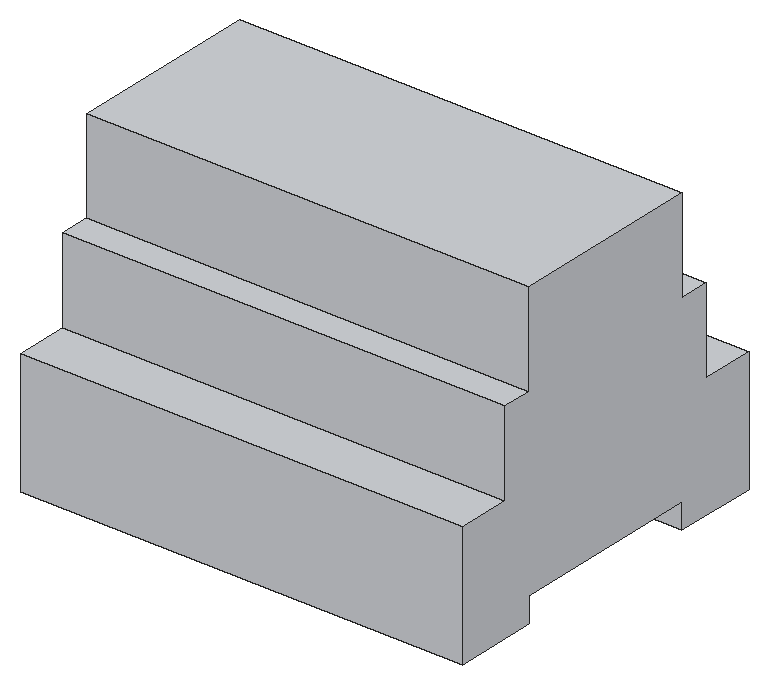
Revit family "Power-ModularDevices-GEWISS-90AM-TRANSFORMER_SAFETY", category Apparecchi elettrici, host Superficie, Revit 2016
Family settings
  Host = Superficie
  Mantenere orientamento annotazione = Sì
  Tipo di parte = Normale
  Quota connettore circolare = Usa diametro
  Numero OmniClass = 23.80.50.00
  Titolo OmniClass = Terminals for Power Supply
  Taglio con vuoti quando caricato = No
  Condiviso = No
  Punto di calcolo locali = Sì
Parameters (values of type "GW96324 - SAFETY TRANSFORMER 63 VA 230V")
  potenza in watt = 0 V
  carico = Altro
  Version file RFA = "18.0"
  URL = "https://www.gewiss.com/ww/en"
  Technical sheet = "https://www.gewiss.com/ww/en/search?q=GW96324"
  TIPO = GENERICO - 90AM TRASFORMATORI DI SICUREZZA : GW96324 Trasformatore di sicurezza 63VA 230V/12+12=24V - 6M
  Spostamento_x = -3300 mm
  Secondary voltage = "12+12=24 V"
  SS [instance] = 69.967 mm
  SIMBOLO IN PIANTA [instance] = yes
  SEO = "Transformer"
  Realized by GEWISS S.p.A. = ""
  Rated power: = "63 VA (12/24 V)"
  Default Elevation = 1219.2 mm
  Produttore = "GEWISS S.p.A."
  Primary voltage = "230V"
  Power = "63VA (12/24V)"
  Operation = "Continuous"
  Numero di poli = 1
  Spost_x_eff [instance] = 4000 mm + Spostamento_x  # 700 mm
  No. of modules EN 50022 = "6"
  No. Chorus modules = "6"
  Modello = "GW96324"
  Immagine tipo = GW96324.jpg
  IFC.TypeObject = ""
  IFC.ExportType = ""
  IFC.ExportAs = ""
  IDT = "319503f1-0c15-47ce-b8a4-ddc3006a59e7"
  IDF = "b238ad9a-9cd4-475b-af46-9ddbc1adffda"
  Electrocod = "140"
  EAN code = "8011564177079"
  Descrizione = "SAFETY TRANSFORMER 63 VA 230V"
  Catalogue Range = "90 AM"
  Catalogue = "POWER"
  COBie.Tagnumber = ""
  COBie.CreatedOn = ""
  COBie.CreatebBy = ""
  COBie.ComponentRegisterItemID = ""
  COBie.Component.TagNumber = ""
  COBie.Component.Space = ""
  COBie.Component.SerialNumber = ""
  COBie.Component.InstallationDate = ""
  COBie.Component.Description = ""
  COBie.Component.BarCode = ""
  Barra_DIN = 0 mm
Types (5, lengths in mm): name | URL | Technical sheet | TIPO | Rated power: | Produttore | Power | No. of modules EN 50022 | No. Chorus modules | Modello | Immagine tipo | IDT | EAN code | Descrizione
  (no name) | 0 | "" | GENERICO - 90AM TRASFORMATORI DI SICUREZZA : GW96321 Trasformatore di sicurezza 15VA 230V/12+12=24V - 3M | "" | 0 | "" | "" | "" | 0 | GW96321.jpg | "" | "" | 0
  GW96324 - SAFETY TRANSFORMER 63 VA 230V | "https://www.gewiss.com/ww/en" | "https://www.gewiss.com/ww/en/search?q=GW96324" | GENERICO - 90AM TRASFORMATORI DI SICUREZZA : GW96324 Trasformatore di sicurezza 63VA 230V/12+12=24V - 6M | "63 VA (12/24 V)" | "GEWISS S.p.A." | "63VA (12/24V)" | "6" | "6" | "GW96324" | GW96324.jpg | "319503f1-0c15-47ce-b8a4-ddc3006a59e7" | "8011564177079" | "SAFETY TRANSFORMER 63 VA 230V"
  GW96323 - SAFETY TRANSFORMER 40 VA 230V | "https://www.gewiss.com/ww/en" | "https://www.gewiss.com/ww/en/search?q=GW96323" | GENERICO - 90AM TRASFORMATORI DI SICUREZZA : GW96323 Trasformatore di sicurezza 40VA 230V/12+12=24V - 4M | "40 VA (12/24 V)" | "GEWISS S.p.A." | "40VA (12/24V)" | "4" | "4" | "GW96323" | GW96323.jpg | "642e37c8-9272-4141-a5ae-8212d45b7cab" | "8011564176980" | "SAFETY TRANSFORMER 40 VA 230V"
  GW96322 - SAFETY TRANSFORMER 25 VA 230V | "https://www.gewiss.com/ww/en" | "https://www.gewiss.com/ww/en/search?q=GW96322" | GENERICO - 90AM TRASFORMATORI DI SICUREZZA : GW96322 Trasformatore di sicurezza 25VA 230V/12+12=24V - 3M | "25 VA (12/24 V)" | "GEWISS S.p.A." | "25VA (12/24V)" | "3" | "3" | "GW96322" | GW96322.jpg | "c863d200-e0e6-4bb0-9397-0bd7a5b95b82" | "8011564177062" | "SAFETY TRANSFORMER 25 VA 230V"
  GW96321 - SAFETY TRANSFORMER 15 VA 230V | "https://www.gewiss.com/ww/en" | "https://www.gewiss.com/ww/en/search?q=GW96321" | GENERICO - 90AM TRASFORMATORI DI SICUREZZA : GW96321 Trasformatore di sicurezza 15VA 230V/12+12=24V - 3M | "15 VA (12/24 V)" | "GEWISS S.p.A." | "15VA (12/24V)" | "3" | "3" | "GW96321" | GW96321.jpg | "ac7c15bf-b646-4e6b-8567-0e9c2a87fd43" | "8011564178717" | "SAFETY TRANSFORMER 15 VA 230V"
Values of the unnamed type that differ from the named types
  Version file RFA = ""
  Secondary voltage = ""
  SEO = ""
  Primary voltage = ""
  Operation = ""
  IDF = ""
  Electrocod = ""
  Catalogue Range = ""
  Catalogue = ""
Reference planes
  plane 1 "Centro (Fronte/Retro)": y = 0
  plane 2: z = 0
  plane 3 "Centro (Sinistra/Destra)": x = 0
  plane 4: z = 0
  plane 5: x = -700
  plane 6: x = 0
  plane 7: y = 69.967
Dimensions and locks
  "Barra_DIN": host face to plane 4
  plane 5 to plane 3 "Centro (Sinistra/Destra)" = 700 mm
  "Spost_x_eff": plane 5 to plane 6
  "SS": plane 1 "Centro (Fronte/Retro)" to plane 7
  aligned and locked: plane 2 to host face
  aligned and locked: level to host face
  aligned and locked: plane 6 to nested 1
  aligned and locked: nested 1 to plane 7
  aligned and locked: plane 3 "Centro (Sinistra/Destra)" to nested 2
  aligned and locked: plane 1 "Centro (Fronte/Retro)" to nested 2
Automatic sketch dimensions
  host sketch curve to host sketch curve = 6519.2 mm
  host sketch curve to host sketch curve = 4328.142 mm
Nested families
  nested 1: "INTTRASF" at (0, 69.967, 0), visible <- "SIMBOLO IN PIANTA", type "INTTRASF"
  nested 2: "GENERICO - 90AM TRASFORMATORI DI SICUREZZA" at (0, 0, 0), type <- "TIPO", type "GW96324 Trasformatore di sicurezza 63VA 230V/12+12=24V - 6M"
Definition of nested family "GENERICO - 90AM TRASFORMATORI DI SICUREZZA"
  Parameters (values of type "GW96324 Trasformatore di sicurezza 63VA 230V/12+12=24V - 6M")
    h_barra din = if(Altezza barre = 1 mm, 69.9 mm, if(Altezza barre = 2 mm, 115.8 mm, 0 mm))  # 0 mm
    TIPO = 15
    H = if(AB_O = 1, AB_V, if(AB_O = 2, AB_H, 50.8 mm))  # 50.8 mm
    Dist barra din = 0 mm  # constant formula
    C1 = 49 mm  # constant formula
    C = 65 mm  # constant formula
    B = 84 mm  # constant formula
    Altezza barre = 5 mm  # constant formula
    AB_V = 3 mm  # constant formula
    AB_H = 5 mm  # constant formula
    AB_O = 0  # constant formula
    A2 = 12.5 mm  # constant formula
    A = 104 mm
  Types (5, lengths in mm): name | A
    (no name) | 104
    GW96324 Trasformatore di sicurezza 63VA 230V/12+12=24V - 6M | 104
    GW96323 Trasformatore di sicurezza 40VA 230V/12+12=24V - 4M | 72
    GW96322 Trasformatore di sicurezza 25VA 230V/12+12=24V - 3M | 54
    GW96321 Trasformatore di sicurezza 15VA 230V/12+12=24V - 3M | 54
  Reference planes
    plane 1 "Centro (Fronte/Retro)": y = 0
    plane 2: z = 0
    plane 3 "Centro (Sinistra/Destra)": x = 0
    plane 4: y = -42
    plane 5: y = 42
    plane 6: z = 0
    plane 7: z = -6
    plane 8 "top": z = 65
    plane 9 "incasso": z = 43
    plane 10: y = -22.5
    plane 11: y = 22.5
    plane 12: x = -52
    plane 13: x = 52
    plane 14: through (4267.2, -42.5, 9) normal (0, -0.1901, 0.9818)
    plane 15 "retro": z = 23
    plane 16: y = -29.5
    plane 17: y = 29.5
  Forms (mm)
    Extrusion 1, solid
      sketch origin (0, 0, 0) x (0, 1, 0) y (0, 0, 1)
        loop
          line (-22.5, 0) -> (22.5, 0) -> (22.5, -6) -> (42, -6) -> (42, 23) -> (29.5, 23) -> (29.5, 43) -> (22.5, 43) -> (22.5, 65) -> (-22.5, 65) -> (-22.5, 43) -> (-29.5, 43) -> (-29.5, 23) -> (-42, 23) -> (-42, -6) -> (-22.5, -6) -> (-22.5, 0)
      from -52 to 52
  Lines and regions (mm)
    symbolic lines
      curve 1: line (0, 0, 15) -> (0, 0, -6)
      curve 2: line (0, -22.5, 0) -> (0, 22.5, 0)
    model lines, detail levels medium+fine
      curve 3: line (-47.905, -18.396, 65) -> (-47.905, -20.411, 65)
      curve 4: line (-47.905, -20.411, 65) -> (-48.58, -20.411, 65)
      curve 5: line (-48.58, -20.411, 65) -> (-48.972, -20.362, 65)
      curve 6: line (-48.972, -20.362, 65) -> (-49.451, -20.15, 65)
      curve 7: line (-49.451, -20.15, 65) -> (-49.832, -19.797, 65)
      curve 8: line (-49.832, -19.797, 65) -> (-50.084, -19.321, 65)
      curve 9: line (-50.084, -19.321, 65) -> (-50.162, -18.814, 65)
      curve 10: line (-50.162, -18.814, 65) -> (-50.086, -18.346, 65)
      curve 11: line (-50.086, -18.346, 65) -> (-49.884, -17.934, 65)
      curve 12: line (-49.884, -17.934, 65) -> (-49.521, -17.558, 65)
      curve 13: line (-49.521, -17.558, 65) -> (-49.081, -17.33, 65)
      curve 14: line (-49.081, -17.33, 65) -> (-48.587, -17.248, 65)
      curve 15: line (-48.587, -17.248, 65) -> (-47.905, -17.248, 65)
      curve 16: line (-47.905, -17.248, 65) -> (-47.905, -18.117, 65)
      curve 17: line (-47.905, -18.117, 65) -> (-49.052, -18.117, 65)
      curve 18: line (-49.052, -18.117, 65) -> (-49.052, -19.542, 65)
      curve 19: line (-49.052, -19.542, 65) -> (-48.773, -19.542, 65)
      curve 20: line (-48.773, -19.542, 65) -> (-48.773, -18.396, 65)
      curve 21: line (-48.773, -18.396, 65) -> (-47.905, -18.396, 65)
      curve 22: line (-45.176, -20.411, 65) -> (-47.627, -20.411, 65)
      curve 23: line (-47.627, -20.411, 65) -> (-47.627, -17.248, 65)
      curve 24: line (-47.627, -17.248, 65) -> (-46.323, -17.248, 65)
      curve 25: line (-46.323, -17.248, 65) -> (-46.323, -18.117, 65)
      curve 26: line (-46.323, -18.117, 65) -> (-46.758, -18.117, 65)
      curve 27: line (-46.758, -18.117, 65) -> (-46.758, -18.395, 65)
      curve 28: line (-46.758, -18.395, 65) -> (-45.177, -18.395, 65)
      curve 29: line (-45.177, -18.395, 65) -> (-45.177, -19.264, 65)
      curve 30: line (-45.177, -19.264, 65) -> (-46.758, -19.264, 65)
      curve 31: line (-46.758, -19.264, 65) -> (-46.758, -19.542, 65)
      curve 32: line (-46.758, -19.542, 65) -> (-45.176, -19.542, 65)
      curve 33: line (-45.176, -19.542, 65) -> (-45.176, -20.411, 65)
      curve 34: line (-40.745, -20.411, 65) -> (-40.745, -18.395, 65)
      curve 35: line (-40.745, -18.395, 65) -> (-41.614, -18.395, 65)
      curve 36: line (-41.614, -18.395, 65) -> (-41.614, -20.411, 65)
      curve 37: line (-41.614, -20.411, 65) -> (-40.745, -20.411, 65)
      curve 38: line (-43.656, -20.411, 65) -> (-43.395, -19.108, 65)
      curve 39: line (-43.395, -19.108, 65) -> (-43.134, -20.411, 65)
      curve 40: line (-43.134, -20.411, 65) -> (-42.265, -20.411, 65)
      curve 41: line (-42.265, -20.411, 65) -> (-41.727, -18.117, 65)
      curve 42: line (-41.727, -18.117, 65) -> (-40.745, -18.117, 65)
      curve 43: line (-40.745, -18.117, 65) -> (-40.745, -17.248, 65)
      curve 44: line (-40.745, -17.248, 65) -> (-42.413, -17.248, 65)
      curve 45: line (-42.413, -17.248, 65) -> (-42.726, -18.586, 65)
      curve 46: line (-42.726, -18.586, 65) -> (-42.943, -17.248, 65)
      curve 47: line (-42.943, -17.248, 65) -> (-43.847, -17.248, 65)
      curve 48: line (-43.847, -17.248, 65) -> (-44.064, -18.586, 65)
      curve 49: line (-44.064, -18.586, 65) -> (-44.377, -17.248, 65)
      curve 50: line (-44.377, -17.248, 65) -> (-46.045, -17.248, 65)
      curve 51: line (-46.045, -17.248, 65) -> (-46.045, -18.117, 65)
      curve 52: line (-46.045, -18.117, 65) -> (-45.063, -18.117, 65)
      curve 53: line (-45.063, -18.117, 65) -> (-44.526, -20.411, 65)
      curve 54: line (-44.526, -20.411, 65) -> (-43.656, -20.411, 65)
      curve 55: line (-38.016, -17.248, 65) -> (-40.467, -17.248, 65)
      curve 56: line (-40.467, -17.248, 65) -> (-40.467, -19.264, 65)
      curve 57: line (-40.467, -19.264, 65) -> (-38.885, -19.264, 65)
      curve 58: line (-38.885, -19.264, 65) -> (-38.885, -19.542, 65)
      curve 59: line (-38.885, -19.542, 65) -> (-40.467, -19.542, 65)
      curve 60: line (-40.467, -19.542, 65) -> (-40.467, -20.411, 65)
      curve 61: line (-40.467, -20.411, 65) -> (-38.016, -20.411, 65)
      curve 62: line (-38.016, -20.411, 65) -> (-38.016, -18.395, 65)
      curve 63: line (-38.016, -18.395, 65) -> (-39.598, -18.395, 65)
      curve 64: line (-39.598, -18.395, 65) -> (-39.598, -18.117, 65)
      curve 65: line (-39.598, -18.117, 65) -> (-38.016, -18.117, 65)
      curve 66: line (-38.016, -18.117, 65) -> (-38.016, -17.248, 65)
      curve 67: line (-37.738, -17.248, 65) -> (-37.738, -19.264, 65)
      curve 68: line (-37.738, -19.264, 65) -> (-36.263, -19.264, 65)
      curve 69: line (-36.263, -19.264, 65) -> (-36.263, -19.542, 65)
      curve 70: line (-36.263, -19.542, 65) -> (-37.738, -19.542, 65)
      curve 71: line (-37.738, -19.542, 65) -> (-37.738, -20.411, 65)
      curve 72: line (-37.738, -20.411, 65) -> (-36.869, -20.411, 65)
      curve 73: line (-36.869, -20.411, 65) -> (-36.367, -20.25, 65)
      curve 74: line (-36.367, -20.25, 65) -> (-36.044, -20.039, 65)
      curve 75: line (-36.044, -20.039, 65) -> (-35.673, -19.584, 65)
      curve 76: line (-35.673, -19.584, 65) -> (-35.5, -19.074, 65)
      curve 77: line (-35.5, -19.074, 65) -> (-35.495, -18.621, 65)
      curve 78: line (-35.495, -18.621, 65) -> (-35.542, -18.395, 65)
      curve 79: line (-35.542, -18.395, 65) -> (-36.869, -18.395, 65)
      curve 80: line (-36.869, -18.395, 65) -> (-36.869, -18.117, 65)
      curve 81: line (-36.869, -18.117, 65) -> (-35.661, -18.117, 65)
      curve 82: line (-35.661, -18.117, 65) -> (-35.818, -17.855, 65)
      curve 83: line (-35.818, -17.855, 65) -> (-36.044, -17.62, 65)
      curve 84: line (-36.044, -17.62, 65) -> (-36.358, -17.414, 65)
      curve 85: line (-36.358, -17.414, 65) -> (-36.687, -17.294, 65)
      curve 86: line (-36.687, -17.294, 65) -> (-37.056, -17.248, 65)
      curve 87: line (-37.056, -17.248, 65) -> (-37.738, -17.248, 65)
  Text (mm)
    text "AB_V" at (0, 50.868, 44.72), in view "Destra"
    text "AB_O" at (0, -80.659, 111.963), in view "Destra"
  Dimensions and locks
    equal spacing: plane 4, plane 1 "Centro (Fronte/Retro)", plane 5
    "B": plane 4 to plane 5
    "Dist barra din": plane 6 to level
    locked: plane 6 to plane 7 at 6
    "C": plane 8 "top" to plane 6
    equal spacing: plane 10, plane 1 "Centro (Fronte/Retro)", plane 11
    plane 10 to plane 11 = 45 mm
    equal spacing: plane 12, plane 3 "Centro (Sinistra/Destra)", plane 13
    "A": plane 12 to plane 13
    "C1": plane 9 "incasso" to plane 7
    "A2": plane 4 to plane 16
    "A2": plane 17 to plane 5
    angle level to plane 14 = 10.9557°
    angle plane 4 to plane 8 "top" = 90.00°
    aligned and locked: level to plane 2
    aligned and locked: Extrusion 1 sketch curve to plane 6
    aligned and locked: Extrusion 1 sketch curve to plane 7
    aligned and locked: Extrusion 1 sketch curve to plane 4
    aligned and locked: Extrusion 1 sketch curve to plane 11  (x2)
    aligned and locked: Extrusion 1 sketch curve to plane 10
    aligned and locked: plane 1 "Centro (Fronte/Retro)" to curve 1
    aligned and locked: Extrusion 1 to plane 6
    aligned and locked: Extrusion 1 to plane 12
    aligned and locked: plane 13 to Extrusion 1
    aligned and locked: plane 10 to Extrusion 1 sketch curve
    aligned and locked: Extrusion 1 sketch curve to plane 9 "incasso"
    aligned and locked: plane 9 "incasso" to Extrusion 1 sketch curve
    aligned and locked: Extrusion 1 sketch curve to plane 5
    aligned and locked: Extrusion 1 sketch curve to plane 16
    aligned and locked: Extrusion 1 sketch curve to plane 17
    aligned and locked: Extrusion 1 sketch curve to plane 15 "retro"
    aligned and locked: plane 15 "retro" to Extrusion 1 sketch curve
  Automatic sketch dimensions
    Extrusion 1 sketch curve to plane 7 = 0 mm
    Extrusion 1 sketch curve to plane 8 "top" = 0 mm
    curve 2 to level = 0 mm
    curve 2 to plane 10 = 0 mm
    curve 2 to plane 11 = 0 mm
    curve 1 to plane 7 = 0 mm
    plane 15 "retro" to curve 1 = 8 mm
    plane 10 to curve 87 = 5.252 mm
    curve 55 to curve 67 = 0 mm
    curve 46 to curve 55 = 0 mm
    curve 46 to curve 45 = 0 mm
    curve 25 to curve 47 = 0 mm
    curve 24 to curve 51 = 0 mm
    curve 16 to curve 23 = 0 mm
    curve 86 to curve 86 = 0.045 mm
    curve 14 to curve 13 = 0.081 mm
    curve 85 to curve 85 = 0.12 mm
    curve 13 to curve 13 = 0.228 mm
    curve 84 to curve 84 = 0.207 mm
    curve 83 to curve 83 = 0.234 mm
    plane 12 to curve 12 = 2.116 mm
    curve 12 to curve 12 = 0.376 mm
    curve 24 to curve 25 = 0.869 mm
    curve 25 to curve 52 = 0 mm
    curve 55 to curve 65 = 0.869 mm
    curve 44 to curve 41 = 0.869 mm
    curve 15 to curve 16 = 0.869 mm
    curve 82 to curve 82 = 0.263 mm
    plane 12 to curve 11 = 1.914 mm
    curve 12 to curve 11 = 0.412 mm
    curve 52 to curve 29 = 0.278 mm
    curve 64 to curve 64 = 0.278 mm
    curve 42 to curve 34 = 0.278 mm
    curve 81 to curve 78 = 0.278 mm
    curve 17 to curve 20 = 0.278 mm
    curve 52 to curve 48 = 0.469 mm
    curve 41 to curve 45 = 0.469 mm
    curve 78 to curve 78 = 0.225 mm
    plane 12 to curve 10 = 1.838 mm
    curve 10 to curve 10 = 0.468 mm
    curve 77 to curve 77 = 0.453 mm
    curve 48 to curve 39 = 0.521 mm
    curve 63 to curve 57 = 0.869 mm
    curve 62 to curve 67 = 0.869 mm
    curve 27 to curve 30 = 0.869 mm
    curve 9 to curve 8 = 0.507 mm
    curve 30 to curve 32 = 0.278 mm
    curve 56 to curve 60 = 0.278 mm
    curve 67 to curve 71 = 0.278 mm
    curve 8 to curve 18 = 0.222 mm
    curve 76 to curve 75 = 0.51 mm
    curve 8 to curve 8 = 0.476 mm
    curve 69 to curve 74 = 0.497 mm
    curve 7 to curve 6 = 0.353 mm
    curve 74 to curve 73 = 0.211 mm
    curve 6 to curve 5 = 0.212 mm
    curve 5 to curve 5 = 0.049 mm
    curve 73 to curve 73 = 0.161 mm
    curve 59 to curve 37 = 0.869 mm
    curve 41 to curve 36 = 0 mm
    curve 61 to curve 71 = 0 mm
    curve 3 to curve 22 = 0 mm
    curve 54 to curve 39 = 0 mm
    curve 9 to curve 9 = 0.078 mm
    curve 8 to curve 7 = 0.252 mm
    curve 11 to curve 13 = 0.363 mm
    curve 7 to curve 6 = 0.381 mm
    curve 12 to curve 13 = 0.439 mm
    curve 12 to curve 17 = 0.468 mm
    curve 6 to curve 5 = 0.479 mm
    curve 17 to curve 21 = 0.279 mm
    curve 13 to curve 14 = 0.494 mm
    curve 5 to curve 5 = 0.392 mm
    curve 4 to curve 3 = 0.675 mm
    curve 14 to curve 16 = 0.682 mm
    curve 3 to curve 23 = 0.278 mm
    curve 3 to curve 28 = 1.147 mm
    curve 27 to curve 31 = 0.001 mm
    curve 26 to curve 25 = 0.435 mm
    curve 25 to curve 52 = 0.278 mm
    curve 51 to curve 29 = 0.869 mm
    curve 29 to curve 32 = 0 mm
    curve 28 to curve 52 = 0.113 mm
    curve 22 to curve 53 = 0.651 mm
    curve 52 to curve 50 = 0.686 mm
    curve 52 to curve 48 = 0.999 mm
    curve 49 to curve 48 = 0.53 mm
    curve 53 to curve 38 = 0.87 mm
    curve 48 to curve 38 = 0.669 mm
    curve 38 to curve 40 = 0.521 mm
    curve 47 to curve 47 = 0.904 mm
    curve 38 to curve 45 = 0.669 mm
    curve 46 to curve 44 = 0.53 mm
    curve 39 to curve 40 = 0.869 mm
    curve 46 to curve 41 = 0.999 mm
    curve 41 to curve 36 = 0.113 mm
    curve 36 to curve 37 = 0.869 mm
    curve 43 to curve 34 = 0 mm
    curve 34 to curve 57 = 0.278 mm
    curve 60 to curve 56 = 0 mm
    curve 34 to curve 63 = 1.147 mm
    curve 63 to curve 59 = 0.713 mm
    curve 64 to curve 66 = 1.581 mm
    curve 58 to curve 61 = 0.869 mm
    curve 61 to curve 70 = 0.278 mm
    curve 68 to curve 70 = 0 mm
    curve 67 to curve 87 = 0.682 mm
    curve 71 to curve 72 = 0.869 mm
    curve 62 to curve 79 = 1.147 mm
    curve 86 to curve 85 = 0.369 mm
    curve 72 to curve 74 = 0.502 mm
    curve 85 to curve 84 = 0.329 mm
    curve 73 to curve 68 = 0.104 mm
    curve 84 to curve 83 = 0.315 mm
    curve 73 to curve 75 = 0.324 mm
    curve 83 to curve 82 = 0.226 mm
    curve 74 to curve 76 = 0.371 mm
    curve 82 to curve 82 = 0.157 mm
    curve 81 to curve 79 = 0.118 mm
    curve 75 to curve 76 = 0.172 mm
    curve 78 to curve 77 = 0.047 mm
Definition of nested family "INTTRASF"
  Reference planes
    plane 1: y = 0
    plane 2: x = 0
  Lines and regions (mm)
    detail lines, not visible
      curve 1: line (0, 0, 0) -> (-0.001, 3.334, 0)
      curve 2: line (0.277, 3.334, 0) -> (-0.278, 3.334, 0)
      curve 3: line (-0.278, 3.334, 0) -> (-0.001, 4.223, 0)
      curve 4: line (-0.001, 4.223, 0) -> (0.277, 3.334, 0)
      curve 5: line (0.277, 3.334, 0) -> (-0.001, 4.223, 0)
      curve 6: line (-0.001, 4.223, 0) -> (-0.278, 3.334, 0)
      curve 7: line (-0.278, 3.334, 0) -> (0.277, 3.334, 0)
      curve 8: line (0.277, 3.334, 0) -> (-0.001, 4.223, 0)
      curve 9: line (-0.001, 4.223, 0) -> (-0.278, 3.334, 0)
      curve 10: line (-0.445, 4.612, 0) -> (0.444, 4.612, 0)
      curve 11: line (0.444, 4.612, 0) -> (0.444, 2.39, 0)
      curve 12: line (0.444, 2.39, 0) -> (-0.445, 2.389, 0)
      curve 13: line (-0.445, 2.389, 0) -> (-0.445, 4.612, 0)
      curve 14: line (5.101, 5.36, 0) -> (5.101, 6.027, 0)
      curve 15: line (4.934, 5.36, 0) -> (5.268, 5.36, 0)
      curve 16: line (4.545, 5.249, 0) -> (5.101, 4.082, 0)
      curve 17: line (5.101, 4.082, 0) -> (5.101, 1.026, 0)
    detail lines
      curve 18: circle (-0.035, 2.652, 0) r 1.22 normal (0, 0, 1)
      curve 19: circle (-0.035, 4.511, 0) r 1.22 normal (0, 0, 1)
      curve 20: line (0, 6.691, 0) -> (0, 5.576, 0)
      curve 21: line (0, 1.432, 0) -> (0, 0, 0)
